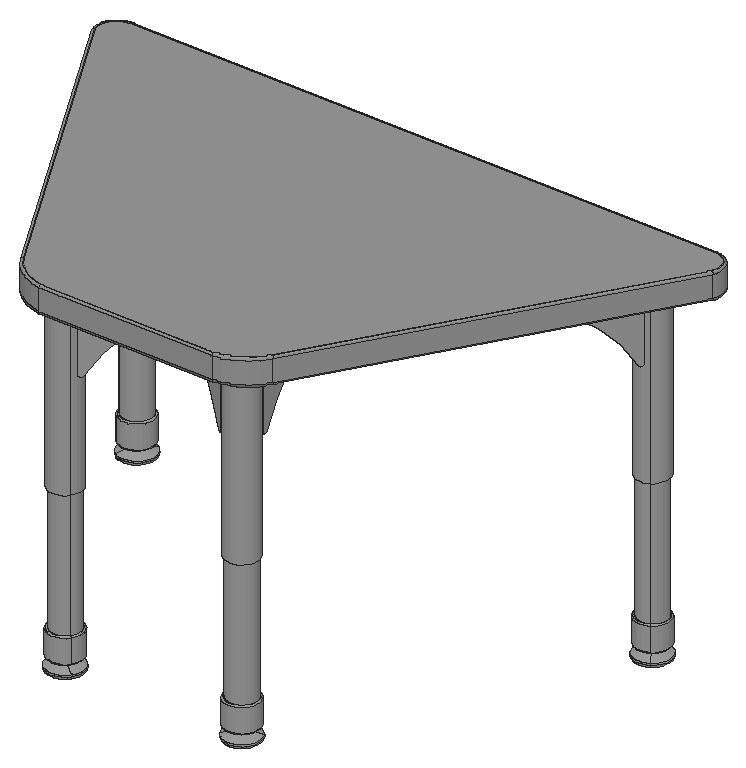
Revit family "Hierarchy Snap Hexagonal Trapezoid Desk - Youth Height", category Furniture, Revit 2018
Family settings
  Work Plane-Based = No
  Always vertical = Yes
  Cut with Voids When Loaded = No
  Shared = No
  Room Calculation Point = No
Parameters
  Surface = Hierarchy Snap Hexagonal Trapezoid Desk Youth Surface
  Desk Height = 1' - 4"
  Leg Finish = Hierarchy Leg Platinum
  Edgeband = Hierarchy Snap Hexagonal Trapezoid Desk Youth Edgeband
  Caster/Glide = Hierarchy Youth Leg - Glide : Hierarchy Youth Leg - Glide
Reference planes (in)
  plane 1 "Center (Front/Back)": y = 0
  plane 2: z = 0
  plane 3 "Center (Left/Right)": x = 0
  plane 4: z = 16
Dimensions and locks (in)
  "Desk Height": plane 4 to level
  aligned and locked: plane 2 to level
  aligned and locked: nested 1 to plane 4
Nested families (in)
  nested 1: "Snap Hexagonal Trapezoid Tabletop" at (0, 0, -11.14175), type "Snap Hexagonal Trapezoid Tabletop"
  nested 2: "Hierarchy Youth Leg - Glide" at (-12.40075, 7.25, 0) x (0.5556, 0.8315, 0) z (0, 0, 1), Leg Finish <- "Leg Finish", Leg Height <- "Desk Height", type "Hierarchy Youth Leg - Glide"
    with Leg Height 1' - 4", Leg Finish Hierarchy Leg Platinum
  nested 3: "Hierarchy Youth Leg - Glide" at (12.40075, 7.25, 0) x (-0.5556, 0.8315, 0) z (0, 0, 1), Leg Finish <- "Leg Finish", Leg Height <- "Desk Height", type "Hierarchy Youth Leg - Glide"
    with Leg Height 1' - 4", Leg Finish Hierarchy Leg Platinum
  nested 4: "Hierarchy Youth Leg - Glide" at (-4.25, -7.25, 0) x (-0.8315, 0.5556, 0) z (0, 0, 1), type <- "Caster/Glide", Leg Finish <- "Leg Finish", Leg Height <- "Desk Height", type "Hierarchy Youth Leg - Glide"
    with Leg Height 1' - 4", Leg Finish Hierarchy Leg Platinum
  nested 5: "Hierarchy Youth Leg - Glide" at (4.25, -7.25, 0) x (0.8315, 0.5556, 0) z (0, 0, 1), type <- "Caster/Glide", Leg Finish <- "Leg Finish", Leg Height <- "Desk Height", type "Hierarchy Youth Leg - Glide"
    with Leg Height 1' - 4", Leg Finish Hierarchy Leg Platinum
Definition of nested family "Snap Hexagonal Trapezoid Tabletop"
  Parameters (values of type "Snap Hexagonal Trapezoid Tabletop")
    Surface = none
    Edgeband = none
  Reference planes (in)
    plane 1 "Center (Front/Back)": y = 0
    plane 2: z = 0
    plane 3 "Center (Left/Right)": x = 0
  Forms (in)
    Extrusion 1, solid, material <- "Surface"
      sketch origin (0, 0, 0) x (1, 0, 0) y (0, 1, 0)
        loop
          line (14.05799, 8.95098) -> (-14.05799, 8.95098)
          arc (-14.05799, 8.95098) -> (-14.76477, 8.57319) -> (-14.84333, 7.77563) r 0.85005
          line (-14.84333, 7.77563) -> (-5.97069, -7.59223)
          arc (-5.97069, -7.59223) -> (-5.20833, -8.40619) -> (-4.1646, -8.79902) r 2.4556
          line (-4.1646, -8.79902) -> (4.1646, -8.79902)
          arc (4.1646, -8.79902) -> (5.20833, -8.40619) -> (5.97069, -7.59223) r 2.4556
          line (5.97069, -7.59223) -> (14.84333, 7.77563)
          arc (14.84333, 7.77563) -> (14.76477, 8.57319) -> (14.05799, 8.95098) r 0.85005
      from 27.14175 to 28.39175
    Sweep 2, solid, material <- "Edgeband"
      path in 3D
        loop
          line (-14.05799, 8.95098, 28.39175) -> (14.05799, 8.95098, 28.39175)
          arc (14.05799, 8.95098, 28.39175) -> (14.76477, 8.57319, 28.39175) -> (14.84333, 7.77563, 28.39175) r 0.85005
          line (14.84333, 7.77563, 28.39175) -> (5.97069, -7.59223, 28.39175)
          arc (5.97069, -7.59223, 28.39175) -> (5.20833, -8.40619, 28.39175) -> (4.1646, -8.79902, 28.39175) r 2.4556
          line (4.1646, -8.79902, 28.39175) -> (-4.1646, -8.79902, 28.39175)
          arc (-4.1646, -8.79902, 28.39175) -> (-5.20833, -8.40619, 28.39175) -> (-5.97069, -7.59223, 28.39175) r 2.4556
          line (-5.97069, -7.59223, 28.39175) -> (-14.84333, 7.77563, 28.39175)
          arc (-14.84333, 7.77563, 28.39175) -> (-14.76477, 8.57319, 28.39175) -> (-14.05799, 8.95098, 28.39175) r 0.85005
      profile origin (-14.76477, 8.57319, 28.39175) x (-0.831469, 0.555571, 0) y (0, 0, 1)
        loop
          line (0, 0) -> (0, -1.25)
          arc (0, -1.25) -> (0.07724, -1.21801) -> (0.10923, -1.14077) r 0.10923
          line (0.10923, -1.14077) -> (0.10923, -0.10923)
          arc (0.10923, -0.10923) -> (0.07724, -0.03199) -> (0, 0) r 0.10923
  Lines and regions (in)
    sketch lines
      curve 1: arc (-14.84333, 7.77563, 28.39175) -> (-14.76477, 8.57319, 28.39175) -> (-14.05799, 8.95098, 28.39175) r 0.85005
      curve 2: line (-14.84333, 7.77563, 28.39175) -> (-5.97069, -7.59223, 28.39175)
      curve 3: arc (-4.1646, -8.79902, 28.39175) -> (-5.20833, -8.40619, 28.39175) -> (-5.97069, -7.59223, 28.39175) r 2.4556
      curve 4: line (-4.1646, -8.79902, 28.39175) -> (4.1646, -8.79902, 28.39175)
      curve 5: arc (5.97069, -7.59223, 28.39175) -> (5.20833, -8.40619, 28.39175) -> (4.1646, -8.79902, 28.39175) r 2.4556
      curve 6: line (5.97069, -7.59223, 28.39175) -> (14.84333, 7.77563, 28.39175)
      curve 7: arc (14.05799, 8.95098, 28.39175) -> (14.76477, 8.57319, 28.39175) -> (14.84333, 7.77563, 28.39175) r 0.85005
      curve 8: line (14.05799, 8.95098, 28.39175) -> (-14.05799, 8.95098, 28.39175)
  Dimensions and locks (in)
    aligned and locked: plane 2 to level
Definition of nested family "Hierarchy Youth Leg - Glide"
  Parameters (values of type "Hierarchy Youth Leg - Glide")
    Leg Finish [instance] = none
    Leg Height [instance] = 1' - 4.80117"
  Reference planes (in)
    plane 1 "Center (Front/Back)": y = 0
    plane 2: z = 0
    plane 3 "Center (Left/Right)": x = 0
  Forms (in)
    Extrusion 1, solid
      sketch origin (-0.01562, 0, 0) x (1, 0, 0) y (0, 1, 0)
        loop
          circle (0.01563, 0) r 0.67016
      from 0.67618 to 10.55018
    Revolve 2, solid
      sketch origin (0, 0, 0) x (1, 0, 0) y (0, 0, 1)
        loop
          line (-0.73189, 1.80118) -> (-0.79439, 1.73867) -> (-0.79439, 0.61381) -> (-0.73176, 0.55118) -> (-0.125, 0.55118) -> (-0.125, 0.42618) -> (-0.84656, 0.16241) -> (-0.84656, 0.08994) -> (-0.81359, 0) -> (0, 0) -> (0, 1.80118) -> (-0.73189, 1.80118)
        axis (0, 1.80118) -> (0, 0)
      angle from 0 to 360
  Dimensions and locks (in)
    "Leg Height": nested 1 to level  (x2)
    aligned and locked: plane 2 to level
  Automatic sketch dimensions
    plane 1 "Center (Front/Back)" to Extrusion 1 sketch curve = 0' - 0"
    Extrusion 1 sketch curve to plane 3 "Center (Left/Right)" = 0' - 0"
    Revolve 2 sketch curve to level = 0' - 0"
    Revolve 2 sketch curve to plane 3 "Center (Left/Right)" = 0' - 0"  (x2)
    Revolve 2 sketch curve to plane 3 "Center (Left/Right)" = 0' - 0 1/8"
    Revolve 2 sketch curve to Revolve 2 sketch curve = 0' - 0.60676"
    Revolve 2 sketch curve to Revolve 2 sketch curve = 0' - 0.73189"
    Revolve 2 sketch curve to Revolve 2 sketch curve = 0' - 0.06263"  (x2)
    Revolve 2 sketch curve to Revolve 2 sketch curve = 0' - 0.08183"
    Revolve 2 sketch curve to Revolve 2 sketch curve = 0' - 0.03297"
    level to Revolve 2 sketch curve = 0' - 0.08994"
    Revolve 2 sketch curve to Revolve 2 sketch curve = 0' - 0.07247"
    level to Revolve 2 sketch curve = 0' - 0.42618"
    Revolve 2 sketch curve to Revolve 2 sketch curve = 0' - 0 1/8"
    Revolve 2 sketch curve to Revolve 2 sketch curve = 0' - 1.12486"
    Revolve 2 sketch curve to Revolve 2 sketch curve = 0' - 0 1/16"
    Revolve 2 sketch curve to level = 2' - 0"
    Revolve 2 sketch curve to Revolve 2 sketch curve = 8' - 4.91764"
    radius of Extrusion 1 sketch curve = 0' - 0.67016"
  Nested families (in)
    nested 1: "Hierarchy Youth Upper Leg 2023" at (0, 0, 0), Leg Finish <- "Leg Finish", type "Hierarchy Youth Upper Leg 2023"
      with Leg Finish none
  Definition of nested family "Hierarchy Youth Upper Leg 2023"
    Parameters (values of type "Hierarchy Youth Upper Leg 2023")
      Leg Finish [instance] = none
    Reference planes (in)
      plane 1 "Center (Front/Back)": y = 0
      plane 2: z = 0
      plane 3 "Center (Left/Right)": x = 0
    Forms (in)
      Extrusion 1, solid, material <- "Leg Finish"
        sketch origin (0, 0, -11.001) x (1, 0, 0) y (0, 1, 0)
          loop
            circle (0, 0) r 0.75
        from 19.67618 to 27.67618
      Extrusion 2, solid, material <- "Leg Finish"
        sketch origin (0, 0, -11.001) x (1, 0, 0) y (0, 1, 0)
          loop
            line (-1.70174, 0.19183) -> (-2.88626, -2.26116)
            arc (-2.88626, -2.26116) -> (-2.83993, -3.09822) -> (-2.1063, -3.50394) r 0.86614
            line (-2.1063, -3.50394) -> (2.1063, -3.50394)
            arc (2.1063, -3.50394) -> (2.83993, -3.09822) -> (2.88626, -2.26116) r 0.86614
            line (2.88626, -2.26116) -> (1.70174, 0.19183)
            arc (1.70174, 0.19183) -> (0, 1.25984) -> (-1.70174, 0.19183) r 1.88976
        from 27.67618 to 27.80217
      Extrusion 3, solid, material <- "Leg Finish"
        sketch origin (-1.48519, 8.66524, -11.001) x (-0.434844, 0.900506, 0) y (0, 0, 1)
          loop
            line (-9.01425, 27.67618) -> (-11.80952, 27.67618)
            arc (-11.80952, 27.67618) -> (-11.92325, 27.58993) -> (-11.87088, 27.45715) r 0.11811
            arc (-11.87088, 27.45715) -> (-10.39364, 26.29679) -> (-9.23328, 24.81955) r 7.87402
            arc (-9.23328, 24.81955) -> (-9.1005, 24.76717) -> (-9.01425, 24.88091) r 0.11811
            line (-9.01425, 24.88091) -> (-9.01425, 27.67618)
        from -1.94075 to -1.81476
      Extrusion 4, solid, material <- "Leg Finish"
        sketch origin (1.48519, 8.66524, -11.001) x (0.434844, 0.900506, 0) y (0, 0, -1)
          loop
            line (-9.01425, -27.67618) -> (-9.01425, -24.88091)
            arc (-9.01425, -24.88091) -> (-9.1005, -24.76717) -> (-9.23328, -24.81955) r 0.11811
            arc (-9.23328, -24.81955) -> (-10.39364, -26.29679) -> (-11.87088, -27.45715) r 7.87402
            arc (-11.87088, -27.45715) -> (-11.92325, -27.58993) -> (-11.80952, -27.67618) r 0.11811
            line (-11.80952, -27.67618) -> (-9.01425, -27.67618)
        from -1.94075 to -1.81476
    Dimensions and locks (in)
      aligned and locked: plane 2 to level
